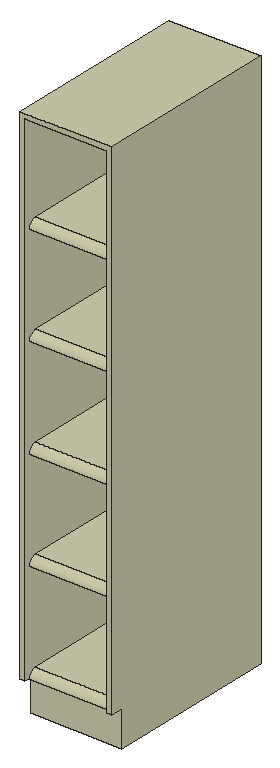
Revit family "Wenger Cabinet 13", category Furniture, Revit 2011
Parameters (values of type "Standard Cabinet #13")
  URL = "http://www.wengercorp.com/Home/Contact.html"
  Toekick Material [instance] = none
  RH End Panel [instance] = no
  Model = "13"
  Manufacturer = "Wenger Corporation"
  LH End Panel [instance] = no
  End Panel Material [instance] = none
  Edge Banding Material [instance] = none
  Door Material [instance] = none
  Description = "Standard Cabinet #13"
  Cabinet Width = 1' - 2 3/8"
  Cabinet Label = Labels : Standard
  Cabinet Height = 7' - 1 5/8"
  Cabinet Depth = 2' - 5 1/4"
  Cabinet Back Thickness = 0' - 0 3/4"
  Assembly Code = ""
Types (4): name | Model | Description | Cabinet Width | Cabinet Label | Cabinet Depth | Cabinet Back Thickness
  Standard Cabinet #13 | "13" | "Standard Cabinet #13" | 1' - 2 3/8" | Labels : Standard | 2' - 5 1/4" | 0' - 0 3/4"
  Acoustic Cabinet #13 | "13A" | "Acoustic Cabinet #13" | 1' - 2 3/8" | Labels : Acoustic | 2' - 7 3/4" | 0' - 3 1/4"
  Narrow Acoustic Cabinet #13 | "13NA" | "Narrow Acoustic Cabinet #13" | 0' - 11 3/8" | Labels : Narrow Acoustic | 2' - 7 3/4" | 0' - 3 1/4"
  Narrow Cabinet #13 | "13N" | "Narrow Cabinet #13" | 0' - 11 3/8" | Labels : Narrow | 2' - 5 1/4" | 0' - 0 3/4"
Reference planes (in)
  plane 1 "Front": y = 0
  plane 2: z = 0
  plane 3 "Left": x = 0
  plane 4 "Right": x = 14.375
  plane 5 "Back": y = 29.25
  plane 6 "Top": z = 85.625
  plane 7: z = 5.625
  plane 8: z = 21.475
  plane 9: z = 37.325
  plane 10: z = 53.175
  plane 11: z = 69.025
  plane 12: x = 0.75
  plane 13: x = 13.625
  plane 14: z = 84.875
  plane 15: y = 28.5
  plane 16: y = 2
  plane 17: y = 0.75
  plane 18: z = 22.6
  plane 19: z = 38.45
  plane 20: z = 54.3
  plane 21: z = 70.15
  plane 22: z = 6.75
Forms (in)
  Extrusion 1, solid, material "Wenger - Oyster"
    sketch origin (0, 0, 0) x (0, 1, 0) y (0, 0, 1)
      loop
        line (0, 85.625) -> (0, 5.625) -> (2, 5.625) -> (2, 0) -> (29.25, 0) -> (29.25, 85.625) -> (0, 85.625)
    from 0 to 14.375
  Extrusion 2, void
    sketch origin (0, 0, 0) x (0, 1, 0) y (0, 0, 1)
      loop
        line (-5.5, 84.875) -> (-5.5, 5.625) -> (0.75, 5.625)
        arc (0.75, 5.625) -> (1.18296, 6.40088) -> (2, 6.75) r 1.375
        line (2, 6.75) -> (28.5, 6.75) -> (28.5, 21.475) -> (0.75, 21.475)
        arc (0.75, 21.475) -> (1.18296, 22.25088) -> (2, 22.6) r 1.375
        line (2, 22.6) -> (28.5, 22.6) -> (28.5, 37.325) -> (0.75, 37.325)
        arc (0.75, 37.325) -> (1.18296, 38.10088) -> (2, 38.45) r 1.375
        line (2, 38.45) -> (28.5, 38.45) -> (28.5, 53.175) -> (0.75, 53.175)
        arc (0.75, 53.175) -> (1.18296, 53.95088) -> (2, 54.3) r 1.375
        line (2, 54.3) -> (28.5, 54.3) -> (28.5, 69.025) -> (0.75, 69.025)
        arc (0.75, 69.025) -> (1.18296, 69.80088) -> (2, 70.15) r 1.375
        line (2, 70.15) -> (28.5, 70.15) -> (28.5, 84.875) -> (-5.5, 84.875)
    from 0.75 to 13.625
Cuts and joins
  Extrusion 2 cuts Extrusion 1
Lines and regions (in)
  symbolic lines
    curve 1: line (0, 29.25, 0) -> (14.375, 29.25, 0)
    curve 2: line (0, 0, 0) -> (0, 29.25, 0)
    curve 3: line (14.375, 0, 0) -> (0, 0, 0)
    curve 4: line (14.375, 29.25, 0) -> (14.375, 0, 0)
Text (in)
  text "01" at (13.28235, 0, 97.09414), in view "Front"
Dimensions and locks (in)
  locked: plane 3 "Left" to plane 12 at 0.75
  locked: plane 13 to plane 4 "Right" at 0.75
  "Cabinet Back Thickness": plane 5 "Back" to plane 15
  locked: plane 1 "Front" to plane 17 at 0.75
  locked: plane 1 "Front" to plane 16 at 2
  locked: plane 18 to plane 8 at 1.125
  locked: plane 19 to plane 9 at 1.125
  locked: plane 20 to plane 10 at 1.125
  locked: plane 21 to plane 11 at 1.125
  locked: plane 6 "Top" to plane 14 at 0.75
  equal spacing: plane 14, plane 11, plane 10, plane 9, plane 8, plane 7
  locked: plane 22 to plane 7 at 1.125
  plane 13 to plane 3 "Left" = 1' - 1 5/8"
  "Cabinet Width": plane 3 "Left" to plane 4 "Right"
  locked: plane 7 to level at 5.625
  "Cabinet Height": plane 6 "Top" to level
  "Cabinet Depth": plane 1 "Front" to plane 5 "Back"
  plane 12 to plane 13 = 1' - 0 7/8"
  plane 14 to plane 7 = 6' - 7 1/4"
  aligned and locked: Extrusion 1 sketch curve to plane 6 "Top"
  aligned and locked: Extrusion 1 sketch curve to plane 5 "Back"
  aligned and locked: Extrusion 1 sketch curve to plane 1 "Front"
  aligned and locked: Extrusion 1 sketch curve to plane 7
  aligned and locked: Extrusion 1 sketch curve to plane 16
  aligned and locked: Extrusion 1 sketch curve to level
  aligned and locked: Extrusion 1 to plane 4 "Right"
  aligned and locked: Extrusion 1 to plane 3 "Left"
  aligned and locked: Extrusion 2 sketch curve to plane 14
  aligned and locked: Extrusion 2 sketch curve to plane 15
  aligned and locked: Extrusion 2 sketch curve to plane 11
  aligned and locked: Extrusion 2 sketch curve to plane 20
  aligned and locked: Extrusion 2 sketch curve to plane 10
  aligned and locked: Extrusion 2 sketch curve to plane 19
  aligned and locked: Extrusion 2 sketch curve to plane 9
  aligned and locked: Extrusion 2 sketch curve to plane 18
  aligned and locked: Extrusion 2 sketch curve to plane 8
  aligned and locked: Extrusion 2 sketch curve to plane 22
  aligned and locked: Extrusion 2 sketch curve to plane 21
  aligned and locked: Extrusion 2 to plane 12
  aligned and locked: plane 3 "Left" to curve 2
  aligned and locked: curve 1 to plane 5 "Back"
  aligned and locked: plane 4 "Right" to curve 4
  aligned and locked: curve 3 to plane 1 "Front"
  aligned and locked: Extrusion 2 to plane 13
Automatic sketch dimensions
  Extrusion 2 sketch curve to plane 7 = 0' - 0"
  Extrusion 2 sketch curve to plane 17 = 0' - 0"  (x5)
  Extrusion 2 sketch curve to plane 16 = 0' - 0"  (x5)
  Extrusion 2 sketch curve to plane 15 = 0' - 0"  (x4)
  plane 1 "Front" to Extrusion 2 sketch curve = 0' - 5 1/2"
  Extrusion 2 sketch curve to plane 16 = 0' - 0.10279"  (x5)
Nested families (in)
  nested 1: "LH End Panel" at (0, 14.25, 0) x (0, -1, 0) z (0, 0, 1), End Panel Material <- "End Panel Material", visible <- "LH End Panel", Edge Banding Material <- "Edge Banding Material", type "20x84 LH"
    with End Panel Material none, Edge Banding Material none, End Panel Depth 2' - 5 1/4"
  nested 2: "RH End Panel" at (15.125, 14.25, 0) x (0, -1, 0) z (0, 0, 1), End Panel Material <- "End Panel Material", visible <- "RH End Panel", Edge Banding Material <- "Edge Banding Material", type "20x84 RH"
    with End Panel Material none, Edge Banding Material none, End Panel Depth 2' - 5 1/4"
  nested 3: "Labels" at (7.08333, 13.98211, 0) x (0, 1, 0) z (0, 0, 1), type <- "Cabinet Label", type "Standard"
  nested 4: "Front Note" at (6.53977, 0.75, 0), type "Front Note", detail levels medium+fine
Definition of nested family "LH End Panel"
  Parameters (values of type "20x84 LH")
    End Panel Material [instance] = none
    End Panel Height = 7' - 1 5/8"
    End Panel Depth = 1' - 7 1/4"
    Edge Banding Material [instance] = none
    Default Elevation = 4' - 0"
    Assembly Code = ""
  Reference planes (in)
    plane 1 "Center (Front/Back)": y = 0
    plane 2: z = 0
    plane 3 "Center (Left/Right)": x = 0
    plane 4: x = -15
    plane 5: x = 4.25
    plane 6: z = 5.625
    plane 7: x = 2.25
    plane 8: z = 85.625
    plane 9: y = -0.75
  Forms (in)
    Extrusion 1, solid, material <- "End Panel Material"
      sketch origin (0, 0, 0) x (1, 0, 0) y (0, 0, 1)
        loop
          line (-15, 85.625) -> (-15, 0) -> (2.25, 0) -> (2.25, 5.625) -> (4.25, 5.625) -> (4.25, 85.625) -> (-15, 85.625)
      from 0 to 0.75
  Dimensions and locks (in)
    locked: plane 7 to plane 5 at 2
    locked: plane 6 to level at 5.625
    "End Panel Height": plane 8 to level
    "End Panel Depth": plane 5 to plane 4
    locked: plane 9 to plane 1 "Center (Front/Back)" at 0.75
    aligned and locked: plane 4 to Extrusion 1 sketch curve
    aligned and locked: level to Extrusion 1 sketch curve
    aligned and locked: plane 7 to Extrusion 1 sketch curve
    aligned and locked: plane 6 to Extrusion 1 sketch curve
    aligned and locked: Extrusion 1 sketch curve to plane 5
    aligned and locked: Extrusion 1 sketch curve to plane 8
    aligned and locked: Extrusion 1 to plane 9
    aligned and locked: Extrusion 1 to plane 1 "Center (Front/Back)"
Definition of nested family "RH End Panel"
  Parameters (values of type "20x84 RH")
    End Panel Material [instance] = none
    End Panel Height = 7' - 1 5/8"
    End Panel Depth = 1' - 7 1/4"
    Edge Banding Material [instance] = none
    Default Elevation = 4' - 0"
    Assembly Code = ""
  Reference planes (in)
    plane 1 "Center (Front/Back)": y = 0
    plane 2: z = 0
    plane 3 "Center (Left/Right)": x = 0
    plane 4: x = -15
    plane 5: x = 4.25
    plane 6: z = 5.625
    plane 7: x = 2.25
    plane 8: z = 85.625
    plane 9: y = -0.75
  Forms (in)
    Extrusion 1, solid, material <- "End Panel Material"
      sketch origin (0, 0, 0) x (1, 0, 0) y (0, 0, 1)
        loop
          line (-15, 85.625) -> (-15, 0) -> (2.25, 0) -> (2.25, 5.625) -> (4.25, 5.625) -> (4.25, 85.625) -> (-15, 85.625)
      from 0 to 0.75
  Dimensions and locks (in)
    locked: plane 7 to plane 5 at 2
    locked: plane 6 to level at 5.625
    "End Panel Height": plane 8 to level
    "End Panel Depth": plane 5 to plane 4
    locked: plane 9 to plane 1 "Center (Front/Back)" at 0.75
    aligned and locked: plane 4 to Extrusion 1 sketch curve
    aligned and locked: level to Extrusion 1 sketch curve
    aligned and locked: plane 7 to Extrusion 1 sketch curve
    aligned and locked: plane 6 to Extrusion 1 sketch curve
    aligned and locked: Extrusion 1 sketch curve to plane 5
    aligned and locked: Extrusion 1 sketch curve to plane 8
    aligned and locked: Extrusion 1 to plane 9
    aligned and locked: Extrusion 1 to plane 1 "Center (Front/Back)"
Definition of nested family "Labels"
  Parameters (values of type "Standard")
    Cabinet Label = "01"
  Types (4): name | Cabinet Label
    Standard | "01"
    Narrow | "01N"
    Narrow Acoustic | "01NA"
    Acoustic | "01A"
  Reference planes (in)
    plane 1: y = 0
    plane 2: x = 0
  Text (in)
    label "xxxx" at (-0.00018, 0.00754, 0), shows "Cabinet Label"
Definition of nested family "Front Note"
  Parameters (values of type "Front Note")
    Cabinet Label = "Front"
  Reference planes (in)
    plane 1: y = 0
    plane 2: x = 0
  Text (in)
    label "Front" at (-0.00018, 0.00754, 0), shows "Cabinet Label"
